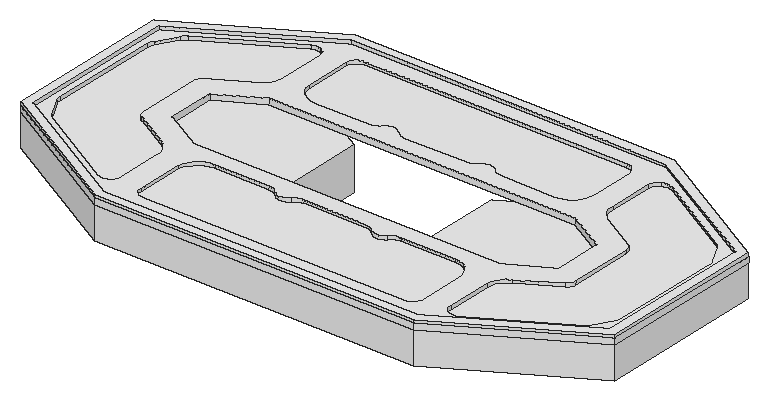
Revit family "Lighting-Industrial-GEWISS-ESALITE-HB-HIGHBAYS-LED_48K_DALI", category Apparecchi per illuminazione, host Superficie, Revit 2019
Family settings
  Host = Superficie
  Quota connettore circolare = Usa diametro
  Tipo di parte = Normale
  Taglio con vuoti quando caricato = No
  Sorgente d'illuminazione = No
  Condiviso = No
  Punto di calcolo locali = Sì
Parameters (values of type "GWS6385GD57K - ESALITE 48K ELL.5700K PLAF+V.GR.DALI")
  Weight (kg): = "22,5"
  Warranty = "5 years"
  Voltage- = "220/240 V - 50/60 Hz"
  Versions = "5700K cold light"
  Version file RFA = "20.11"
  VISIBILITA' SIMBOLO [instance] = yes
  VISIBILITA' LAMPADA PIANTA [instance] = not(VISIBILITA' SIMBOLO)  # no
  VISIBILITA' ETICHETTA [instance] = yes
  V = 0 V
  URL = "https://www.gewiss.com/ww/en"
  Technical sheet = "https://www.gewiss.com/ww/en/search?q=GWS6385GD57K"
  System power = "420W"
  Spostamento_y_effettivo_ET [instance] = 4000 mm - Spostamento_y_ET  # 2000 mm
  Spostamento_y_ET [instance] = 2000 mm
  Spostamento_X_effettivo_ET [instance] = 4000 mm - Spostamento_X_ET  # 3800 mm
  Spostamento_X_ET [instance] = 200 mm
  Shock resistance = "IK08"
  Shield type = "Tempered glass"
  SEO = "High bay"
  Realized by GEWISS S.p.A. = ""
  Prospetto di default = 1200 mm
  Produttore = "GEWISS S.p.A."
  Potenza di sitema = "Wxxx"
  Overvoltage resistance : = "Common mode: 8KV; Differential mode: 6KV"
  Optic = "Elliptical"
  Operating temperature: = "-30 +50 °C"
  Numero poli = 1
  Nominal flux (lm) = "63000"
  Modello = "GWS6385GD57K"
  Lumen output (lm) = "44500"
  Life time L90B10 (Tq 50Â°C) = "44000H"
  Life time L90B10 (Tq 25Â°C) = "100000H"
  Lamp- = "LED - Not replaceable"
  LED current. = "0,9A"
  Insulation class = "I"
  Immagine tipo = ESALITE_HB.jpg
  IP degree = "IP66"
  IDT = "10529bc104f94094a7bc48fb9e203b41"
  IDF = "34186d8f-d057-4983-af6f-288af9631f66"
  Electrocod = "2444"
  Efficiency class of integrated LEDs = "A ÷ A++"
  Driver type = "Driver Led Dali"
  Descrizione = "ESALITE 48K ELL.5700K PLAF+V.GR.DALI"
  Colour temperature: = "5700 K (CRI>80)"
  Colour = "Grey RAL 9006"
  Catalogue Range = "ESALITE HB - 48K"
  Catalogue = "LIGHTING"
  COBie.Tagnumber = ""
  COBie.CreatedOn = ""
  COBie.CreatebBy = ""
  COBie.ComponentRegisterItemID = ""
  COBie.Component.TagNumber = ""
  COBie.Component.Space = ""
  COBie.Component.SerialNumber = ""
  COBie.Component.InstallationDate = ""
  COBie.Component.Description = ""
  COBie.Component.BarCode = ""
  Application = "Indoor / Outdoor"
Types (24, lengths in mm): name | Versions | Technical sheet | Shock resistance | Shield type | Optic | Nominal flux (lm) | Modello | Lumen output (lm) | IP degree | IDT | Descrizione | Colour temperature: | Application
  GWS6082GD - ESALITE 48K 30° 4000K PLAF.GR.DALI | "4000K natural light" | "https://www.gewiss.com/ww/en/search?q=GWS6082GD" | "IK06" | "Plastic" | "30°" | "63000" | "GWS6082GD" | "47200" | "IP65" | "6bb3f17f77964d9aa647523a62af1778" | "ESALITE 48K 30° 4000K PLAF.GR.DALI" | "4000 K (CRI>80)" | "Internal"
  GWS6082GD30K - ESALITE 48K 30° 3000K PLAF.GR.DALI | "3000K warm light" | "https://www.gewiss.com/ww/en/search?q=GWS6082GD30K" | "IK06" | "Plastic" | "30°" | "59000" | "GWS6082GD30K" | "43900" | "IP65" | "f141946cd4ae4217b4a722d906401323" | "ESALITE 48K 30° 3000K PLAF.GR.DALI" | "3000 K (CRI>80)" | "Internal"
  GWS6082GD57K - ESALITE 48K 30° 5700K PLAF.GR.DALI | "5700K cold light" | "https://www.gewiss.com/ww/en/search?q=GWS6082GD57K" | "IK06" | "Plastic" | "30°" | "63000" | "GWS6082GD57K" | "47200" | "IP65" | "3db944e861ee475ab3b11b02ce7559f3" | "ESALITE 48K 30° 5700K PLAF.GR.DALI" | "5700 K (CRI>80)" | "Internal"
  GWS6083GD - ESALITE 48K 60° 4000K PLAF.GR.DALI | "4000K natural light" | "https://www.gewiss.com/ww/en/search?q=GWS6083GD" | "IK06" | "Plastic" | "60°" | "63000" | "GWS6083GD" | "48300" | "IP65" | "85c4fa2d022b4f7ab452f94982328747" | "ESALITE 48K 60° 4000K PLAF.GR.DALI" | "4000 K (CRI>80)" | "Internal"
  GWS6083GD30K - ESALITE 48K 60° 3000K PLAF.GR.DALI | "3000K warm light" | "https://www.gewiss.com/ww/en/search?q=GWS6083GD30K" | "IK06" | "Plastic" | "60°" | "59000" | "GWS6083GD30K" | "44900" | "IP65" | "16f93d13760e4e3193e5b33b1050020c" | "ESALITE 48K 60° 3000K PLAF.GR.DALI" | "3000 K (CRI>80)" | "Internal"
  GWS6083GD57K - ESALITE 48K 60° 5700K PLAF.GR.DALI | "5700K cold light" | "https://www.gewiss.com/ww/en/search?q=GWS6083GD57K" | "IK06" | "Plastic" | "60°" | "63000" | "GWS6083GD57K" | "48300" | "IP65" | "a76fbe19d41c4eacba71e1b29c31b63b" | "ESALITE 48K 60° 5700K PLAF.GR.DALI" | "5700 K (CRI>80)" | "Internal"
  GWS6084GD - ESALITE 48K 90° 4000K PLAF.GR.DALI | "4000K natural light" | "https://www.gewiss.com/ww/en/search?q=GWS6084GD" | "IK06" | "Plastic" | "90°" | "63000" | "GWS6084GD" | "51300" | "IP65" | "c52b1dc4688546318f21af9d9c564415" | "ESALITE 48K 90° 4000K PLAF.GR.DALI" | "4000 K (CRI>80)" | "Internal"
  GWS6084GD30K - ESALITE 48K 90° 3000K PLAF.GR.DALI | "3000K warm light" | "https://www.gewiss.com/ww/en/search?q=GWS6084GD30K" | "IK06" | "Plastic" | "90°" | "59000" | "GWS6084GD30K" | "47700" | "IP65" | "36a29cc495da41929b54fb6a111c8804" | "ESALITE 48K 90° 3000K PLAF.GR.DALI" | "3000 K (CRI>80)" | "Internal"
  GWS6084GD57K - ESALITE 48K 90° 5700K PLAF.GR.DALI | "5700K cold light" | "https://www.gewiss.com/ww/en/search?q=GWS6084GD57K" | "IK06" | "Plastic" | "90°" | "63000" | "GWS6084GD57K" | "51300" | "IP65" | "cd5d6754b8f24c4981a0c3b19332defd" | "ESALITE 48K 90° 5700K PLAF.GR.DALI" | "5700 K (CRI>80)" | "Internal"
  GWS6085GD - ESALITE 48K ELL.4000K PLAF.GR.DALI | "4000K natural light" | "https://www.gewiss.com/ww/en/search?q=GWS6085GD" | "IK06" | "Plastic" | "Elliptical" | "63000" | "GWS6085GD" | "48300" | "IP65" | "9502117e80a64a74877e79df34fabdab" | "ESALITE 48K ELL.4000K PLAF.GR.DALI" | "4000 K (CRI>80)" | "Internal"
  GWS6085GD30K - ESALITE 48K ELL.3000K PLAF.GR.DALI | "3000K warm light" | "https://www.gewiss.com/ww/en/search?q=GWS6085GD30K" | "IK06" | "Plastic" | "Elliptical" | "59000" | "GWS6085GD30K" | "44900" | "IP65" | "a87272ea20be4d8bb87a5090b77f8960" | "ESALITE 48K ELL.3000K PLAF.GR.DALI" | "3000 K (CRI>80)" | "Internal"
  GWS6085GD57K - ESALITE 48K ELL.5700K PLAF.GR.DALI | "5700K cold light" | "https://www.gewiss.com/ww/en/search?q=GWS6085GD57K" | "IK06" | "Plastic" | "Elliptical" | "63000" | "GWS6085GD57K" | "48300" | "IP65" | "b264003a9301430fae205493789c135d" | "ESALITE 48K ELL.5700K PLAF.GR.DALI" | "5700 K (CRI>80)" | "Internal"
  GWS6382GD - ESALITE 48K 30° 4000K PLAF+V.GR.DALI | "4000K natural light" | "https://www.gewiss.com/ww/en/search?q=GWS6382GD" | "IK08" | "Tempered glass" | "30°" | "63000" | "GWS6382GD" | "43500" | "IP66" | "925280b1ffbe43c59e2fd41e2eec4363" | "ESALITE 48K 30° 4000K PLAF+V.GR.DALI" | "4000 K (CRI>80)" | "Indoor / Outdoor"
  GWS6382GD30K - ESALITE 48K 30° 3000K PLAF+V.GR.DALI | "3000K warm light" | "https://www.gewiss.com/ww/en/search?q=GWS6382GD30K" | "IK08" | "Tempered glass" | "30°" | "59000" | "GWS6382GD30K" | "40400" | "IP66" | "1ba556d70c0743d69acbbdb7522a5b68" | "ESALITE 48K 30° 3000K PLAF+V.GR.DALI" | "3000 K (CRI>80)" | "Indoor / Outdoor"
  GWS6382GD57K - ESALITE 48K 30° 5700K PLAF+V.GR.DALI | "5700K cold light" | "https://www.gewiss.com/ww/en/search?q=GWS6382GD57K" | "IK08" | "Tempered glass" | "30°" | "63000" | "GWS6382GD57K" | "43500" | "IP66" | "0dbf5ac3d9604777a999b03a26ebbd2e" | "ESALITE 48K 30° 5700K PLAF+V.GR.DALI" | "5700 K (CRI>80)" | "Indoor / Outdoor"
  GWS6383GD - ESALITE 48K 60° 4000K PLAF+V.GR.DALI | "4000K natural light" | "https://www.gewiss.com/ww/en/search?q=GWS6383GD" | "IK08" | "Tempered glass" | "60°" | "63000" | "GWS6383GD" | "44500" | "IP66" | "a7e4afb7cf5942c0af1ed886c8168a61" | "ESALITE 48K 60° 4000K PLAF+V.GR.DALI" | "4000 K (CRI>80)" | "Indoor / Outdoor"
  GWS6383GD30K - ESALITE 48K 60° 3000K PLAF+V.GR.DALI | "3000K warm light" | "https://www.gewiss.com/ww/en/search?q=GWS6383GD30K" | "IK08" | "Tempered glass" | "60°" | "59000" | "GWS6383GD30K" | "41300" | "IP66" | "133ad86b966640c19c95fbbc258f8228" | "ESALITE 48K 60° 3000K PLAF+V.GR.DALI" | "3000 K (CRI>80)" | "Indoor / Outdoor"
  GWS6383GD57K - ESALITE 48K 60° 5700K PLAF+V.GR.DALI | "5700K cold light" | "https://www.gewiss.com/ww/en/search?q=GWS6383GD57K" | "IK08" | "Tempered glass" | "60°" | "63000" | "GWS6383GD57K" | "44500" | "IP66" | "87d823f9f93f4dfabfc5c2c50364e11d" | "ESALITE 48K 60° 5700K PLAF+V.GR.DALI" | "5700 K (CRI>80)" | "Indoor / Outdoor"
  GWS6384GD - ESALITE 48K 90° 4000K PLAF+V.GR.DALI | "4000K natural light" | "https://www.gewiss.com/ww/en/search?q=GWS6384GD" | "IK08" | "Tempered glass" | "90°" | "63000" | "GWS6384GD" | "47200" | "IP66" | "056fd9a4da83448ca03c52ac4c7eb8b5" | "ESALITE 48K 90° 4000K PLAF+V.GR.DALI" | "4000 K (CRI>80)" | "Indoor / Outdoor"
  GWS6384GD30K - ESALITE 48K 90° 3000K PLAF+V.GR.DALI | "3000K warm light" | "https://www.gewiss.com/ww/en/search?q=GWS6384GD30K" | "IK08" | "Tempered glass" | "90°" | "59000" | "GWS6384GD30K" | "43900" | "IP66" | "d5c4ad14675d4816937d755790362fc8" | "ESALITE 48K 90° 3000K PLAF+V.GR.DALI" | "3000 K (CRI>80)" | "Indoor / Outdoor"
  GWS6384GD57K - ESALITE 48K 90° 5700K PLAF+V.GR.DALI | "5700K cold light" | "https://www.gewiss.com/ww/en/search?q=GWS6384GD57K" | "IK08" | "Tempered glass" | "90°" | "63000" | "GWS6384GD57K" | "47200" | "IP66" | "ab63e0f7656f4631ab94f811ff61cd48" | "ESALITE 48K 90° 5700K PLAF+V.GR.DALI" | "5700 K (CRI>80)" | "Indoor / Outdoor"
  GWS6385GD - ESALITE 48K ELL.4000K PLAF+V.GR.DALI | "4000K natural light" | "https://www.gewiss.com/ww/en/search?q=GWS6385GD" | "IK08" | "Tempered glass" | "Elliptical" | "63000" | "GWS6385GD" | "44500" | "IP66" | "2c286e099a3e4c7a9cac9dd89eea9ef7" | "ESALITE 48K ELL.4000K PLAF+V.GR.DALI" | "4000 K (CRI>80)" | "Indoor / Outdoor"
  GWS6385GD30K - ESALITE 48K ELL.3000K PLAF+V.GR.DALI | "3000K warm light" | "https://www.gewiss.com/ww/en/search?q=GWS6385GD30K" | "IK08" | "Tempered glass" | "Elliptical" | "59000" | "GWS6385GD30K" | "41300" | "IP66" | "03dd23e6f7164a21af26f59591ff4be6" | "ESALITE 48K ELL.3000K PLAF+V.GR.DALI" | "3000 K (CRI>80)" | "Indoor / Outdoor"
  GWS6385GD57K - ESALITE 48K ELL.5700K PLAF+V.GR.DALI | "5700K cold light" | "https://www.gewiss.com/ww/en/search?q=GWS6385GD57K" | "IK08" | "Tempered glass" | "Elliptical" | "63000" | "GWS6385GD57K" | "44500" | "IP66" | "10529bc104f94094a7bc48fb9e203b41" | "ESALITE 48K ELL.5700K PLAF+V.GR.DALI" | "5700 K (CRI>80)" | "Indoor / Outdoor"
Reference planes
  plane 1 "Centro (Fronte/Retro)": y = 0
  plane 2: z = 0
  plane 3 "Centro (Sinistra/Destra)": x = 0
  plane 4: z = 123
  plane 5: x = -50.612
  plane 6: x = -3850.612
  plane 7: y = -2119.2
  plane 8: y = -119.2
  plane 9: through (-1779.2, -702.001, 1219.2) normal (0.4695, 0.8829, 0)
  plane 10: through (203.705, -1575.119, 1219.2) normal (-0.866, 0.5, 0)
Lines and regions (mm)
  symbolic lines, visible <- "VISIBILITA' LAMPADA PIANTA", not visible
    curve 1: line (647.886, 853, 0) -> (430.75, 853, 0)
    curve 2: line (430.75, 853, 0) -> (322.181, 664.955, 0)
    curve 3: line (322.181, 664.955, 0) -> (430.75, 476.909, 0)
    curve 4: line (430.75, 476.909, 0) -> (647.886, 476.909, 0)
    curve 5: line (647.886, 476.909, 0) -> (756.454, 664.955, 0)
    curve 6: line (756.454, 664.955, 0) -> (647.886, 853, 0)
    curve 7: line (438.583, 839.433, 0) -> (640.053, 839.433, 0)
    curve 8: line (640.053, 839.433, 0) -> (740.788, 664.955, 0)
    curve 9: line (740.788, 664.955, 0) -> (640.053, 490.477, 0)
    curve 10: line (640.053, 490.477, 0) -> (438.583, 490.477, 0)
    curve 11: line (438.583, 490.477, 0) -> (337.848, 664.955, 0)
    curve 12: line (337.848, 664.955, 0) -> (438.583, 839.433, 0)
    curve 13: line (460.808, 826.434, 0) -> (617.828, 826.434, 0)
    curve 14: arc (617.828, 826.434, 0) -> (624.325, 822.679, 0) -> (624.316, 815.175, 0) r 7.499
    curve 15: line (624.316, 815.175, 0) -> (586.077, 748.944, 0)
    curve 16: arc (586.077, 748.944, 0) -> (584.247, 747.114, 0) -> (581.748, 746.444, 0) r 4.999
    curve 17: line (581.748, 746.444, 0) -> (496.888, 746.444, 0)
    curve 18: arc (496.888, 746.444, 0) -> (494.388, 747.114, 0) -> (492.558, 748.944, 0) r 4.999
    curve 19: line (492.558, 748.944, 0) -> (454.307, 815.197, 0)
    curve 20: arc (454.307, 815.197, 0) -> (454.317, 822.69, 0) -> (460.808, 826.434, 0) r 7.499
    curve 21: line (360.224, 677.714, 0) -> (438.721, 813.675, 0)
    curve 22: arc (438.721, 813.675, 0) -> (445.209, 817.435, 0) -> (451.71, 813.697, 0) r 7.499
    curve 23: line (451.71, 813.697, 0) -> (489.961, 747.444, 0)
    curve 24: arc (489.961, 747.444, 0) -> (490.63, 744.944, 0) -> (489.961, 742.445, 0) r 4.999
    curve 25: line (489.961, 742.445, 0) -> (447.531, 668.954, 0)
    curve 26: arc (447.531, 668.954, 0) -> (445.701, 667.124, 0) -> (443.201, 666.454, 0) r 4.999
    curve 27: line (443.201, 666.454, 0) -> (366.712, 666.454, 0)
    curve 28: arc (366.712, 666.454, 0) -> (360.214, 670.209, 0) -> (360.224, 677.714, 0) r 7.499
    curve 29: line (438.734, 516.213, 0) -> (360.211, 652.217, 0)
    curve 30: arc (360.211, 652.217, 0) -> (360.221, 659.711, 0) -> (366.712, 663.455, 0) r 7.499
    curve 31: line (366.712, 663.455, 0) -> (443.201, 663.455, 0)
    curve 32: arc (443.201, 663.455, 0) -> (445.701, 662.785, 0) -> (447.531, 660.955, 0) r 4.999
    curve 33: line (447.531, 660.955, 0) -> (489.961, 587.464, 0)
    curve 34: arc (489.961, 587.464, 0) -> (490.63, 584.965, 0) -> (489.961, 582.465, 0) r 4.999
    curve 35: line (489.961, 582.465, 0) -> (451.71, 516.213, 0)
    curve 36: arc (451.71, 516.213, 0) -> (445.222, 512.474, 0) -> (438.734, 516.213, 0) r 7.499
    curve 37: line (496.888, 583.465, 0) -> (581.748, 583.465, 0)
    curve 38: arc (581.748, 583.465, 0) -> (584.247, 582.795, 0) -> (586.077, 580.965, 0) r 4.999
    curve 39: line (586.077, 580.965, 0) -> (624.316, 514.735, 0)
    curve 40: arc (624.316, 514.735, 0) -> (624.325, 507.23, 0) -> (617.828, 503.475, 0) r 7.499
    curve 41: line (617.828, 503.475, 0) -> (460.808, 503.475, 0)
    curve 42: arc (460.808, 503.475, 0) -> (454.317, 507.219, 0) -> (454.307, 514.713, 0) r 7.499
    curve 43: line (454.307, 514.713, 0) -> (492.558, 580.965, 0)
    curve 44: arc (492.558, 580.965, 0) -> (494.388, 582.795, 0) -> (496.888, 583.465, 0) r 4.999
    curve 45: line (588.675, 587.464, 0) -> (631.105, 660.955, 0)
    curve 46: arc (631.105, 660.955, 0) -> (632.935, 662.785, 0) -> (635.434, 663.455, 0) r 4.999
    curve 47: line (635.434, 663.455, 0) -> (711.924, 663.455, 0)
    curve 48: arc (711.924, 663.455, 0) -> (718.421, 659.7, 0) -> (718.412, 652.195, 0) r 7.499
    curve 49: line (718.412, 652.195, 0) -> (639.915, 516.234, 0)
    curve 50: arc (639.915, 516.234, 0) -> (633.427, 512.474, 0) -> (626.926, 516.213, 0) r 7.499
    curve 51: line (626.926, 516.213, 0) -> (588.675, 582.465, 0)
    curve 52: arc (588.675, 582.465, 0) -> (588.005, 584.965, 0) -> (588.675, 587.464, 0) r 4.999
    curve 53: line (631.105, 668.954, 0) -> (588.675, 742.445, 0)
    curve 54: arc (588.675, 742.445, 0) -> (588.005, 744.944, 0) -> (588.675, 747.444, 0) r 4.999
    curve 55: line (588.675, 747.444, 0) -> (626.926, 813.697, 0)
    curve 56: arc (626.926, 813.697, 0) -> (633.427, 817.435, 0) -> (639.915, 813.675, 0) r 7.499
    curve 57: line (639.915, 813.675, 0) -> (718.412, 677.714, 0)
    curve 58: arc (718.412, 677.714, 0) -> (718.421, 670.209, 0) -> (711.924, 666.454, 0) r 7.499
    curve 59: line (711.924, 666.454, 0) -> (635.434, 666.454, 0)
    curve 60: arc (635.434, 666.454, 0) -> (632.935, 667.124, 0) -> (631.105, 668.954, 0) r 4.999
  symbolic lines, visible <- "VISIBILITA' LAMPADA PIANTA"
    curve 61: line (-217.137, 0, 199.205) -> (217.137, 0, 199.205)
    curve 62: line (-217.137, 0, 152.205) -> (-217.137, 0, 199.205)
    curve 63: line (217.137, 0, 152.205) -> (-217.137, 0, 152.205)
    curve 64: line (217.137, 0, 199.205) -> (217.137, 0, 152.205)
Text (mm)
  text "B-A=C" at (-2005.323, -1167.131, 0), in view "Livello rif."
  text "D+A-C=B" at (1746.792, 582.509, 0), in view "Livello rif."
Dimensions and locks
  "Spostamento_X_effettivo_ET": plane 6 to plane 5
  plane 6 to plane 3 "Centro (Sinistra/Destra)" = 3850.612 mm
  "Spostamento_y_effettivo_ET": plane 8 to plane 7
  plane 1 "Centro (Fronte/Retro)" to plane 7 = 2119.2 mm
  angle plane 9 to plane 7 = 28.00°
  angle plane 7 to plane 6 = 90.00°
  aligned and locked: plane 2 to host face
  aligned and locked: level to host face
  aligned and locked: plane 5 to nested 1
  aligned and locked: nested 1 to plane 8
  aligned and locked: nested 5 to nested 4
  aligned and locked: nested 8 to plane 1 "Centro (Fronte/Retro)"
Automatic sketch dimensions
  host sketch curve to host sketch curve = 2438.4 mm  (x2)
  curve 64 to plane 4 = 29.205 mm
  curve 63 to curve 64 = 47 mm
  curve 61 to plane 3 "Centro (Sinistra/Destra)" = 217.137 mm
  plane 3 "Centro (Sinistra/Destra)" to curve 61 = 217.137 mm
Nested families
  nested 1: "etichetta Potenza Lampada" at (-50.612, -119.2, 0), visible <- "VISIBILITA' ETICHETTA", type "etichetta Potenza Lampada"
  nested 2: "Simbolo HB" at (-10, 0, 122.205) x (1, 0, 0) z (0, -1, 0), visible <- "VISIBILITA' SIMBOLO", type "esalight hb simb"
  nested 3: "Simbolo HB" at (0, 0, 0), visible <- "VISIBILITA' SIMBOLO", type "esalight hb simb"
  nested 4: "ESALITE HB 48K SOSPENSIONE_base" at (0, 0, 0), type "ESALITE HB 48K SOSPENSIONE_base"
  nested 5: "Laterale corta - HB 48" at (0, 265, 193.729) x (0, 0, 1) z (1, 0, 0), visible <- "VISIBILITA' LAMPADA PIANTA", type "Laterale corta - HB 48"
  nested 6: "Laterale lungo - HB 48" at (18.509, 0, 5.554) x (1, 0, 0) z (0, -1, 0), visible <- "VISIBILITA' LAMPADA PIANTA", type "Laterale lungo - HB 48"
  nested 7: "Frontale HB 48" at (0, -267.046, 0), visible <- "VISIBILITA' LAMPADA PIANTA", type "Frontale HB 48"
  nested 8: "Simbolo HB" at (0, 0, 163) x (0, 1, 0) z (1, 0, 0), visible <- "VISIBILITA' SIMBOLO", type "esalight hb simb"
Definition of nested family "ESALITE HB 48K SOSPENSIONE_base"
  Parameters (values of type "ESALITE HB 48K SOSPENSIONE_base")
    V = 0 V
    Numero poli = 1
    Agganci = none
    Corpo luce = none
  Reference planes
    plane 1 "Centro (Fronte/Retro)": y = 0
    plane 2: z = 0
    plane 3 "Centro (Sinistra/Destra)": x = 0
    plane 4: y = -22
    plane 5: y = 22
    plane 6: y = -1
    plane 7: y = 1
    plane 8: x = -1
    plane 9: x = 1
    plane 10: z = 27.205
    plane 11: z = 152.205
    plane 12: through (-500.393, 129.68, 1200) normal (-0.5, 0.866, 0)
    plane 13: through (-490.253, 119.363, 1200) normal (-0.5, 0.866, 0)
    plane 14: x = -487.5
    plane 15: x = -473.5
    plane 16: x = 487.5
    plane 17: x = 473.5
    plane 18: through (500.393, 129.68, 1200) normal (-0.5, -0.866, 0)
    plane 19: through (490.253, 119.364, 1200) normal (-0.5, -0.866, 0)
    plane 20: y = 267.477
    plane 21: y = 253.477
    plane 22: y = -267.477
    plane 23: y = -253.477
    plane 24: through (-500.393, -129.68, 1200) normal (0.5, 0.866, 0)
    plane 25: through (-490.253, -119.364, 1200) normal (0.5, 0.866, 0)
    plane 26: through (500.393, -129.68, 1200) normal (0.5, -0.866, 0)
    plane 27: through (490.253, -119.364, 1200) normal (0.5, -0.866, 0)
    plane 28: through (-414.04, -16.763, 1200) normal (-0.5, 0.866, 0)
    plane 29: through (414.04, -16.763, 1200) normal (-0.5, -0.866, 0)
    plane 30: through (-414.04, 16.763, 1200) normal (0.5, 0.866, 0)
    plane 31: through (414.04, 16.763, 1200) normal (0.5, -0.866, 0)
    plane 32: x = -317.5
    plane 33: x = 317.5
    plane 34: y = 77.477
    plane 35: y = -77.477
    plane 36: z = 125
    plane 37: z = 55
    plane 38: z = 85
    plane 39: z = 130
    plane 40: z = 147.205
    plane 41: z = 142.205
    plane 42: z = 137.205
    plane 43: x = -250.017
    plane 44: x = -276.017
    plane 45: x = -224.017
    plane 46: x = 250.017
    plane 47: x = 276.017
    plane 48: x = 224.017
  Forms (mm)
    Extrusion 1, solid, material <- "Corpo luce"
      sketch origin (0, 0, 0) x (1, 0, 0) y (0, 1, 0)
        loop
          line (-113.042, 79.147) -> (-250.017, 158.23) -> (-387.114, 79.076) -> (-387.114, -78.999) -> (-250.017, -158.152) -> (-113.042, -79.07) -> (-113.042, 79.147)
        loop
          line (113.042, 79.147) -> (113.042, -79.07) -> (250.017, -158.152) -> (387.114, -78.999) -> (387.114, 79.076) -> (250.017, 158.23) -> (113.042, 79.147)
      from 125 to 55
    Extrusion 2, solid, material <- "Agganci"
      sketch origin (-250.017, 158.23, 1200) x (0, 1, 0) y (0, 0, 1)
        loop
          arc (-180.23, -1178.589) -> (-158.23, -1200.589) -> (-136.23, -1178.589) r 22
          line (-136.23, -1178.589) -> (-136.23, -1145) -> (-180.23, -1145) -> (-180.23, -1178.589)
        loop
          circle (-158.23, -1178.589) r 20
      from -26 to 26
    Extrusion 3, solid, material <- "Corpo luce"
      sketch origin (0, 0, 0) x (1, 0, 0) y (0, 1, 0)
        loop
          line (-261.721, 267.477) -> (-487.5, 137.124) -> (-487.5, -137.124) -> (-261.721, -267.477) -> (261.721, -267.477) -> (487.5, -137.124) -> (487.5, 137.124) -> (261.721, 267.477) -> (-261.721, 267.477)
        loop
          line (-257.969, 253.477) -> (-473.5, 129.037) -> (-473.5, -129.037) -> (-257.969, -253.477) -> (257.969, -253.477) -> (473.5, -129.037) -> (473.5, 129.037) -> (257.969, 253.477) -> (-257.969, 253.477)
      from 85 to 152.205
    Extrusion 4, solid, material <- "Corpo luce"
      sketch origin (0, 0, 0) x (1, 0, 0) y (0, 1, 0)
        loop
          line (-487.5, 137.124) -> (-487.5, -137.124) -> (-261.721, -267.477) -> (261.721, -267.477) -> (487.5, -137.124) -> (487.5, 137.124) -> (261.721, 267.477) -> (-261.721, 267.477) -> (-487.5, 137.124)
        loop
          line (-317.5, 38.975) -> (-317.5, -38.975) -> (-250.811, -77.477) -> (250.811, -77.477) -> (317.5, -38.975) -> (317.5, 38.975) -> (250.811, 77.477) -> (-250.811, 77.477) -> (-317.5, 38.975)
      from 137.205 to 147.205
    Extrusion 5, void
      sketch origin (0, 0, 0) x (1, 0, 0) y (0, 1, 0)
        loop
          arc (-432.929, 138.39) -> (-437.141, 135.166) -> (-440.371, 130.958) r 20.25
          line (-440.371, 130.958) -> (-458.407, 99.279)
          arc (-458.407, 99.279) -> (-460.404, 94.464) -> (-461.091, 89.297) r 20.031
          line (-461.091, 89.297) -> (-461.091, -89.199)
          arc (-461.091, -89.199) -> (-460.41, -94.378) -> (-458.413, -99.205) r 20.029
          line (-458.413, -99.205) -> (-440.371, -130.881)
          arc (-440.371, -130.881) -> (-437.163, -135.066) -> (-432.983, -138.282) r 20.25
          line (-432.983, -138.282) -> (-295.037, -217.925)
          arc (-295.037, -217.925) -> (-286.523, -220.236) -> (-277.98, -218.035) r 17.25
          arc (-277.98, -218.035) -> (-271.28, -211.688) -> (-268.811, -202.795) r 17.25
          line (-268.811, -202.795) -> (-269.029, -129.291)
          arc (-269.029, -129.291) -> (-273.721, -111.778) -> (-286.54, -98.956) r 35.032
          line (-286.54, -98.956) -> (-346.451, -64.111)
          arc (-346.451, -64.111) -> (-351.839, -58.713) -> (-353.811, -51.345) r 14.75
          line (-353.811, -51.345) -> (-353.811, 51.423)
          arc (-353.811, 51.423) -> (-351.835, 58.798) -> (-346.436, 64.197) r 14.75
          line (-346.436, 64.197) -> (-286.388, 98.866)
          arc (-286.388, 98.866) -> (-273.52, 111.764) -> (-268.811, 129.365) r 35.25
          line (-268.811, 129.365) -> (-268.811, 202.873)
          arc (-268.811, 202.873) -> (-271.281, 211.766) -> (-277.982, 218.114) r 17.25
          arc (-277.982, 218.114) -> (-286.524, 220.313) -> (-295.037, 218.003) r 17.25
          line (-295.037, 218.003) -> (-432.929, 138.39)
        loop
          arc (-214.06, 228.289) -> (-226.233, 223.262) -> (-231.311, 211.112) r 17.251
          line (-231.311, 211.112) -> (-231.08, 134.011)
          arc (-231.08, 134.011) -> (-219.457, 111.672) -> (-195.894, 102.789) r 35.25
          line (-195.894, 102.789) -> (-106.565, 102.789)
          arc (-106.565, 102.789) -> (-98.252, 104.626) -> (-91.429, 109.716) r 20.251
          arc (-91.429, 109.716) -> (-78.061, 115.789) -> (-64.694, 109.716) r 17.75
          arc (-64.694, 109.716) -> (-57.815, 104.6) -> (-49.436, 102.789) r 20.251
          line (-49.436, 102.789) -> (54.332, 103.014)
          arc (54.332, 103.014) -> (61.047, 105.278) -> (66.571, 109.716) r 20.251
          arc (66.571, 109.716) -> (79.939, 115.789) -> (93.306, 109.716) r 17.75
          arc (93.306, 109.716) -> (100.24, 104.576) -> (108.684, 102.789) r 20.251
          line (108.684, 102.789) -> (197.773, 102.789)
          arc (197.773, 102.789) -> (222.808, 113.057) -> (233.189, 138.045) r 35.25
          line (233.189, 138.045) -> (233.189, 211.039)
          arc (233.189, 211.039) -> (228.133, 223.237) -> (215.935, 228.289) r 17.251
          line (215.935, 228.289) -> (-214.06, 228.289)
        loop
          line (-214.06, -228.289) -> (215.935, -228.289)
          arc (215.935, -228.289) -> (228.133, -223.237) -> (233.189, -211.039) r 17.251
          line (233.189, -211.039) -> (233.189, -138.045)
          arc (233.189, -138.045) -> (222.808, -113.057) -> (197.773, -102.789) r 35.25
          line (197.773, -102.789) -> (108.684, -102.789)
          arc (108.684, -102.789) -> (100.24, -104.576) -> (93.306, -109.716) r 20.251
          arc (93.306, -109.716) -> (79.939, -115.789) -> (66.571, -109.716) r 17.75
          arc (66.571, -109.716) -> (61.047, -105.278) -> (54.332, -103.014) r 20.251
          line (54.332, -103.014) -> (-49.436, -102.789)
          arc (-49.436, -102.789) -> (-57.815, -104.6) -> (-64.694, -109.716) r 20.251
          arc (-64.694, -109.716) -> (-78.061, -115.789) -> (-91.429, -109.716) r 17.75
          arc (-91.429, -109.716) -> (-98.252, -104.626) -> (-106.565, -102.789) r 20.251
          line (-106.565, -102.789) -> (-195.894, -102.789)
          arc (-195.894, -102.789) -> (-219.457, -111.672) -> (-231.08, -134.011) r 35.25
          line (-231.08, -134.011) -> (-231.311, -211.112)
          arc (-231.311, -211.112) -> (-226.233, -223.262) -> (-214.06, -228.289) r 17.251
        loop
          line (434.804, 138.39) -> (296.912, 218.003)
          arc (296.912, 218.003) -> (288.399, 220.313) -> (279.857, 218.114) r 17.25
          arc (279.857, 218.114) -> (273.156, 211.766) -> (270.686, 202.873) r 17.25
          line (270.686, 202.873) -> (270.686, 129.365)
          arc (270.686, 129.365) -> (275.395, 111.764) -> (288.263, 98.866) r 35.25
          line (288.263, 98.866) -> (348.311, 64.197)
          arc (348.311, 64.197) -> (353.71, 58.798) -> (355.686, 51.423) r 14.75
          line (355.686, 51.423) -> (355.686, -51.345)
          arc (355.686, -51.345) -> (353.714, -58.713) -> (348.326, -64.111) r 14.75
          line (348.326, -64.111) -> (288.415, -98.956)
          arc (288.415, -98.956) -> (275.596, -111.778) -> (270.904, -129.291) r 35.032
          line (270.904, -129.291) -> (270.686, -202.795)
          arc (270.686, -202.795) -> (273.155, -211.688) -> (279.855, -218.035) r 17.25
          arc (279.855, -218.035) -> (288.398, -220.236) -> (296.912, -217.925) r 17.25
          line (296.912, -217.925) -> (434.858, -138.282)
          arc (434.858, -138.282) -> (439.038, -135.066) -> (442.246, -130.881) r 20.25
          line (442.246, -130.881) -> (460.288, -99.205)
          arc (460.288, -99.205) -> (462.285, -94.378) -> (462.966, -89.199) r 20.029
          line (462.966, -89.199) -> (462.966, 89.297)
          arc (462.966, 89.297) -> (462.279, 94.464) -> (460.282, 99.279) r 20.031
          line (460.282, 99.279) -> (442.246, 130.958)
          arc (442.246, 130.958) -> (439.016, 135.166) -> (434.804, 138.39) r 20.25
      from 142.205 to 147.205
    Extrusion 6, solid, material <- "Agganci"
      sketch origin (250.017, 48.23, 1200) x (0, 1, 0) y (0, 0, -1)
        loop
          line (-70.23, 1178.589) -> (-70.23, 1145) -> (-26.23, 1145) -> (-26.23, 1178.589)
          arc (-26.23, 1178.589) -> (-48.23, 1200.589) -> (-70.23, 1178.589) r 22
        loop
          circle (-48.23, 1178.589) r 20
      from -26 to 26
  Cuts and joins
    Extrusion 5 cuts Extrusion 4
  Lines and regions (mm)
    symbolic lines
      curve 1: line (0, 188.046, 0) -> (0, 193.046, 0)
  Dimensions and locks
    Extrusion 2 to Extrusion 2 to plane 3 "Centro (Sinistra/Destra)" = 52 mm, 224.017 mm
    Extrusion 1 to plane 10 = 97.795 mm
    plane 14 to plane 3 "Centro (Sinistra/Destra)" = 487.5 mm
    plane 12 to plane 13 = 14.001 mm
    locked: plane 14 to plane 15 at 14
    locked: plane 16 to plane 17 at 14
    plane 14 to plane 16 = 975 mm
    plane 36 to plane 37 = 70 mm
    plane 41 to plane 40 = 5 mm
    aligned and locked: level to plane 2
    aligned and locked: Extrusion 1 to Extrusion 2
    aligned and locked: Extrusion 3 to plane 38
    aligned and locked: Extrusion 3 to plane 11
    aligned and locked: Extrusion 4 to Extrusion 5
    aligned and locked: Extrusion 2 to plane 44
    aligned and locked: Extrusion 2 to plane 45
    aligned and locked: Extrusion 6 to plane 48
  Connectors
    electrical at (250.057, 0.039, 55), driven by "Numero poli", driven by "V"
      settings: on Extrusion 1, index 1, voltage 0 V, apparent load 0 VA, apparent load phase1 0 VA, apparent load phase2 0 VA, apparent load phase3 0 VA, power factor 1, load classification none, number of poles 1, system type 31, power factor state 1, is connector primary yes, connector utility no, sub classification motor no, connector description ""
Definition of nested family "etichetta Potenza Lampada"
  Parameters (values of type "etichetta Potenza Lampada")
    potenza lampada = "Wxxx"
  Reference planes
    plane 1: y = 0
    plane 2: x = 0
  Text (mm)
    label "QE" at (0.073, -0.194, 0), shows "potenza lampada"
Definition of nested family "Simbolo HB"
  Reference planes
    plane 1 "Centro (Fronte/Retro)": y = 0
    plane 2: z = 0
    plane 3 "Centro (Sinistra/Destra)": x = 0
  Lines and regions (mm)
    detail lines, in view "Livello rif."
      curve 1: line (0, 152.5, 0) -> (0, -147.5, 0)
      curve 2: line (56.499, 89.193, 0) -> (172.002, 155.878, 0)
      curve 3: line (212.384, 179.193, 0) -> (165.755, 166.699, 0)
      curve 4: line (212.384, 179.193, 0) -> (178.249, 145.058, 0)
      curve 5: line (165.755, 166.699, 0) -> (178.249, 145.058, 0)
      curve 6: line (56.499, -104.193, 0) -> (172.002, -170.878, 0)
      curve 7: line (212.384, -194.193, 0) -> (165.755, -181.699, 0)
      curve 8: line (212.384, -194.193, 0) -> (178.249, -160.058, 0)
      curve 9: line (165.755, -181.699, 0) -> (178.249, -160.058, 0)
      curve 10: arc (0, 152.5, 0) -> (-150, 2.5, 0) -> (0, -147.5, 0) r 150
Definition of nested family "Laterale corta - HB 48"
  Reference planes
    plane 1 "Centro (Fronte/Retro)": y = 0
    plane 2: z = 0
    plane 3 "Centro (Sinistra/Destra)": x = 0
Definition of nested family "Laterale lungo - HB 48"
  Reference planes
    plane 1 "Centro (Fronte/Retro)": y = 0
    plane 2: z = 0
    plane 3 "Centro (Sinistra/Destra)": x = 0
Definition of nested family "Frontale HB 48"
  Reference planes
    plane 1 "Centro (Fronte/Retro)": y = 0
    plane 2: z = 0
    plane 3 "Centro (Sinistra/Destra)": x = 0
